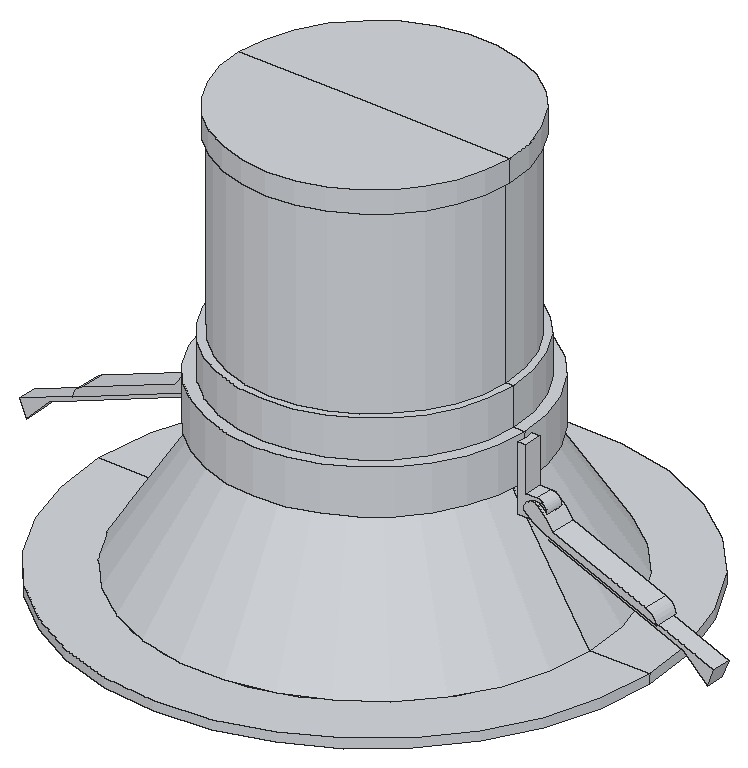
Revit family "Alcon-14123-6R-Revit-Family", category Lighting Fixtures, host Ceiling, Revit 2021
Family settings
  Host = Ceiling
  Round Connector Dimension = Use Diameter
  Part Type = Normal
  OmniClass Number = 23.80.70.11
  OmniClass Title = Luminaries for Internal Lighting
  Always vertical = Yes
  Cut with Voids When Loaded = No
  Light Source = Yes
  Shared = No
  Room Calculation Point = No
Parameters (values of type "Type 1")
  Wattage = 9.2903 W
  built-in parameter 1150110 = 1 (stored number, unit not read)
  built-in parameter 1114217 = 1 (stored number, unit not read)
  Tilt Angle = 60.00°
  built-in parameter 1150109 = 1 (stored number, unit not read)
  built-in parameter 1150134 = (empty or 0)
  built-in parameter 1150113 = 1 (stored number, unit not read)
  built-in parameter 1010507 = 1.5708 (stored number, unit not read)
  built-in parameter 1010506 = 0.5236 (stored number, unit not read)
  Product Identity = "Alcon Lighting 14123-6R"
  Manufacturer = "Alcon Light"
  Lumens = 1380 lm
  built-in parameter 1150115 = 1 (stored number, unit not read)
  built-in parameter 1150105 = 4614.1 (stored number, unit not read)
  Link To Product Page = "https://www.alconlighting.com/14123-6r.html"
  LightSource = none
  Light Source Symbol Length = 10' - 0"
  built-in parameter 1150137 = (empty or 0)
  built-in parameter 1150139 = (empty or 0)
  built-in parameter 1150112 = 1 (stored number, unit not read)
  built-in parameter 1150114 = 1 (stored number, unit not read)
  built-in parameter 1150132 = 2
  built-in parameter 1150102 = (empty or 0)
  built-in parameter 1150138 = (empty or 0)
  built-in parameter 1150107 = 3000 (stored number, unit not read)
  built-in parameter 1150106 = 46.141 (stored number, unit not read)
  Housing = none
  built-in parameter 1150104 = 13.8 (stored number, unit not read)
  Dimming Lamp Color Temperature Shift = <None>
  Default Elevation = 0' - 0"
  Color Filter = 16777215
  built-in parameter 1114218 = 1 (stored number, unit not read)
  built-in parameter 1150133 = 10 (stored number, unit not read)
Reference planes (in)
  plane 1 "Light Source Axis (F/B)": y = 0
  plane 2: z = 0
  plane 3 "Light Source Axis (L/R)": x = 0
  plane 4 "Ceiling": z = 157.79911
  plane 5 "Light Source Elevation": z = 157.10531
Forms (in)
  Revolve 1, solid, material <- "Housing"
    sketch origin (0, 0, 0) x (1, 0, 0) y (0, 0, 1)
      loop
        line (-3.81, 157.48031) -> (-3.81, 157.35531) -> (-2.94477, 157.35531) -> (-1.715, 159.24899) -> (-1.715, 159.88159) -> (-2.08532, 159.88159) -> (-2.08532, 159.26281) -> (-1.83295, 159.26281) -> (-2.99052, 157.48031) -> (-3.81, 157.48031)
      axis (0, 159.88159) -> (0, 157.35531)
    angle from 0 to 360
  Extrusion 2, void
    sketch origin (0, 0, 157.79911) x (0, 1, 0) y (-1, 0, 0)
      loop
        circle (0, 0) r 3.81
    from -0.44379 to 2.08248
  Revolve 3, solid, material <- "Housing"
    sketch origin (0, 0, -5.45525) x (1, 0, 0) y (0, 0, 1)
      loop
        line (0, 165.33684) -> (0, 168.6529) -> (-1.87594, 168.6529) -> (-1.87594, 168.35173) -> (-1.82523, 168.35173) -> (-1.82523, 165.85173) -> (-1.92838, 165.85173) -> (-1.92838, 165.33684) -> (0, 165.33684)
      axis (0, 165.33684) -> (0, 168.6529)
    angle from 0 to 360
  Revolve 4, solid, material <- "LightSource"
    sketch origin (0, 0, -5.45525) x (1, 0, 0) y (0, 0, 1)
      loop
        line (0, 165.1929) -> (0, 165.33684) -> (-1.715, 165.33684) -> (-1.715, 165.1929) -> (0, 165.1929)
      axis (0, 165.1929) -> (0, 165.33684)
    angle from 0 to 360
  Extrusion 5, solid, material <- "Housing"
    sketch origin (-3.36398, 0, -0.06549) x (1, 0, 0) y (0, 0, 1)
      loop
        line (1.27862, 158.98051) -> (1.27862, 159.87531) -> (1.17207, 159.87531) -> (1.17207, 159.26774) -> (1.01796, 159.26774)
        arc (1.01796, 159.26774) -> (0.87435, 159.12412) -> (1.01796, 158.98051) r 0.14362
        line (1.01796, 158.98051) -> (1.27862, 158.98051)
    from -0.125 to 0.125
  Extrusion 6, solid, material <- "Housing"
    sketch origin (-117.83151, 0, 47.61053) x (0.696768, 0, -0.717297) y (0.717297, 0, 0.696768)
      loop
        arc (0.64606, 160.57075) -> (0.51774, 160.61704) -> (0.42764, 160.51463) r 0.1212
        arc (0.42764, 160.51463) -> (0.42443, 160.35244) -> (0.45482, 160.19309) r 0.78059
        line (0.45482, 160.19309) -> (-0.08865, 158.92315)
        arc (-0.08865, 158.92315) -> (-0.10629, 158.80664) -> (-0.06502, 158.69627) r 0.23441
        line (-0.06502, 158.69627) -> (0.58921, 160.22502)
        arc (0.58921, 160.22502) -> (0.6336, 160.39526) -> (0.64606, 160.57075) r 0.95614
    from -0.16797 to 0.16797
  Extrusion 7, solid, material <- "Housing"
    sketch origin (-117.83151, 0, 47.61053) x (0.696768, 0, -0.717297) y (0.717297, 0, 0.696768)
      loop
        line (-0.38592, 157.9464) -> (-0.15418, 157.84723) -> (-0.1609, 158.31036) -> (0.62596, 160.14906) -> (0.56523, 160.16899) -> (-0.38592, 157.9464)
    from -0.125 to 0.125
  Extrusion 8, solid, material <- "Housing"
    sketch origin (3.36398, 0, -0.06549) x (-1, 0, 0) y (0, 0, -1)
      loop
        line (1.27862, -158.98051) -> (1.01796, -158.98051)
        arc (1.01796, -158.98051) -> (0.87435, -159.12412) -> (1.01796, -159.26774) r 0.14362
        line (1.01796, -159.26774) -> (1.17207, -159.26774) -> (1.17207, -159.87531) -> (1.27862, -159.87531) -> (1.27862, -158.98051)
    from -0.125 to 0.125
  Extrusion 9, solid, material <- "Housing"
    sketch origin (117.83151, 0, 47.61053) x (-0.696768, 0, -0.717297) y (0.717297, 0, -0.696768)
      loop
        arc (0.64606, -160.57075) -> (0.6336, -160.39526) -> (0.58921, -160.22502) r 0.95614
        line (0.58921, -160.22502) -> (-0.06502, -158.69627)
        arc (-0.06502, -158.69627) -> (-0.10629, -158.80664) -> (-0.08865, -158.92315) r 0.23441
        line (-0.08865, -158.92315) -> (0.45482, -160.19309)
        arc (0.45482, -160.19309) -> (0.42443, -160.35244) -> (0.42764, -160.51463) r 0.78059
        arc (0.42764, -160.51463) -> (0.51774, -160.61704) -> (0.64606, -160.57075) r 0.1212
    from -0.16797 to 0.16797
  Extrusion 10, solid, material <- "Housing"
    sketch origin (117.83151, 0, 47.61053) x (-0.696768, 0, -0.717297) y (0.717297, 0, -0.696768)
      loop
        line (-0.38592, -157.9464) -> (0.56523, -160.16899) -> (0.62596, -160.14906) -> (-0.1609, -158.31036) -> (-0.15418, -157.84723) -> (-0.38592, -157.9464)
    from -0.125 to 0.125
Dimensions and locks (in)
  equal spacing: host sketch curve, plane 3 "Light Source Axis (L/R)", host sketch curve
  equal spacing: host sketch curve, plane 1 "Light Source Axis (F/B)", host sketch curve
  host sketch curve to host sketch curve = 13' - 1.48031"  (x2)
  host ceiling to plane 4 "Ceiling" = 0' - 0.31879"
  Revolve 1 to Revolve 1 = 0' - 7.62"
  aligned and locked: plane 1 "Light Source Axis (F/B)" to imposter light
